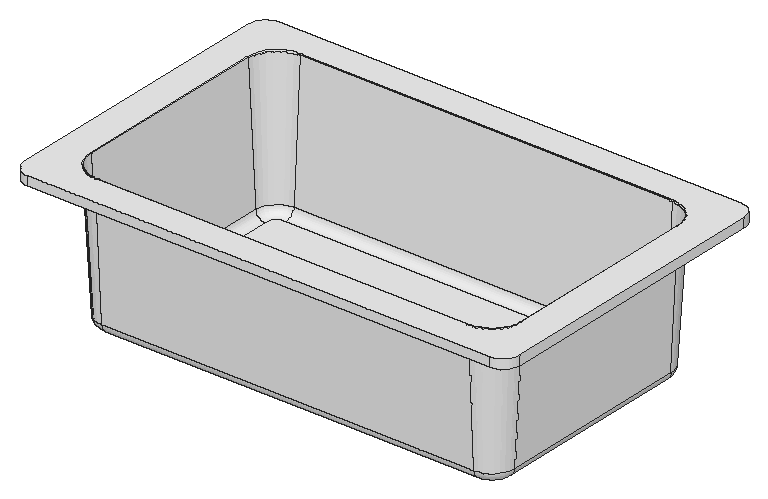
Revit family "Sink-American_Standard-Delancey-77SB30190.308", category Plumbing Fixtures, Revit 2014
Parameters (values of type "77SB30190.308")
  Width = 30"  # constant formula
  Waste Connection Width = Bowl Width / 2  # 13 1/32"
  Waste Connection Radius = Waste Connection Diameter / 2  # 3/4"
  Waste Connection Offset = 11 13/16"  # constant formula
  Waste Connection Diameter = 1 1/2"
  Waste Connection = 1 < 2  # yes
  Warranty Information = "Limited Lifetime Warranty"
  WFU = 4  # constant formula
  Vent Connection = no
  URL = "https://www.americanstandard-us.com/"
  Type Comments = "Minimum 33\" (838mm) cabinet required"
  Sink Offset [instance] = 2"
  Product Page URL = ""
  Product Documentation Link = ""
  Price = "Prices may vary. Please consult Manufacturer Representative for most up-to-date price list."  # constant formula
  Model = "77SB30190.308"
  Material = "Cast Iron-American Standard-308-Brilliant White"
  Manufacturer = "American Standard"  # constant formula
  Length = 19"  # constant formula
  Installation Type = "Undermount"  # constant formula
  Hot Water Connection Width = 4"
  Hot Water Connection Radius = Hot Water Connection Diameter / 2  # 1/4"
  Hot Water Connection Diameter = 1/2"
  Height = 8 11/16"  # constant formula
  HWFU = 3  # constant formula
  HW Connection = 1 < 2  # yes
  Finish = Cast Iron-American Standard-308-Brilliant White
  Description = "Delancey Single Bowl Kitchen Sink"  # constant formula
  Default Elevation = 34"  # constant formula
  Creation Date = "02/07/2019"  # constant formula
  Counter Thickness [instance] = 1"
  Cold Water Connection Width = 4"
  Cold Water Connection Radius = 1/4"
  Cold Water Connection Diameter = Cold Water Connection Radius * 2  # 1/2"
  CWFU = 3  # constant formula
  CW Connection = 1 < 2  # yes
  Bowl Width = 26 1/16"  # constant formula
  Bowl Length = 15 3/8"  # constant formula
  Basin Shape = "Rectangular"  # constant formula
  Assembly Code = "D2010410"
  Apron Height = 8 13/16"  # constant formula
  ADA Compliant = yes
Reference planes (in)
  plane 1 "Center (Front/Back)": y = 0
  plane 2: z = 0
  plane 3 "Center (Left/Right)": x = 0
  plane 4: x = -15
  plane 5: x = 15
  plane 6: y = -2
  plane 7: y = -21
  plane 8: z = -9.6875
  plane 9: z = -1
  plane 10: y = -3.8125
  plane 11: y = -19.1875
  plane 12: x = 0
  plane 13: x = -13.03125
  plane 14: x = 13.03125
  plane 15: x = -1.09375
  plane 16: x = 1.09375
  plane 17: y = -11.5
  plane 18: z = -11.0625
  plane 19: z = -12.5625
  plane 20: x = -4
  plane 21: x = 4
  plane 22: z = -1.5625
  plane 23: x = -4
  plane 24: x = 4
  plane 25: x = 8
  plane 26: z = -9.625
Forms (in)
  Sweep 1, solid, material "Cast Iron-American Standard-308-Brilliant White" <- "Finish"
    path origin (0, 0, 0) x (1, 0, 0) y (0, 1, 0)
      loop
        arc (-11.28125, -3.8125) -> (-12.51869, -4.32506) -> (-13.03125, -5.5625) r 1.75
        line (-13.03125, -5.5625) -> (-13.03125, -17.4375)
        arc (-13.03125, -17.4375) -> (-12.51869, -18.67494) -> (-11.28125, -19.1875) r 1.75
        line (-11.28125, -19.1875) -> (11.28125, -19.1875)
        arc (11.28125, -19.1875) -> (12.51869, -18.67494) -> (13.03125, -17.4375) r 1.75
        line (13.03125, -17.4375) -> (13.03125, -5.5625)
        arc (13.03125, -5.5625) -> (12.51869, -4.32506) -> (11.28125, -3.8125) r 1.75
        line (11.28125, -3.8125) -> (-11.28125, -3.8125)
    profile origin (-13.03125, -11.5, 0) x (-1, 0, 0) y (0, 0, 1)
      loop
        arc (0.04428, -1) -> (0.01208, -1.0128) -> (-0.00252, -1.04422) r 0.04688
        line (-0.00252, -1.04422) -> (-0.45995, -9.09759)
        arc (-0.45995, -9.09759) -> (-0.63402, -9.47194) -> (-1.01765, -9.62451) r 0.55859
        line (-1.01765, -9.62451) -> (-1.11196, -9.62451) -> (-1.11196, -9.6875) -> (-0.99565, -9.6875)
        arc (-0.99565, -9.6875) -> (-0.58282, -9.52349) -> (-0.39511, -9.12088) r 0.60156
        line (-0.39511, -9.12088) -> (0.04471, -1.5625) -> (0.19685, -1.5625) -> (0.19685, -1) -> (0.04428, -1)
  Extrusion 2, solid, not visible
    sketch origin (0, 0, 0) x (1, 0, 0) y (0, 0, 1)
      loop
        circle (-4, -11.0625) r 0.25
      loop
        circle (4, -11.0625) r 0.25
      loop
        circle (0, -12.5625) r 0.75
    from 0 to 0.0625
  Extrusion 3, solid, material "Cast Iron-American Standard-308-Brilliant White" <- "Finish"
    sketch origin (0, 0, 0) x (1, 0, 0) y (0, 1, 0)
      loop
        arc (-11.28125, -4.92446) -> (-11.73241, -5.11134) -> (-11.91929, -5.5625) r 0.63804
        line (-11.91929, -5.5625) -> (-11.91929, -17.4375)
        arc (-11.91929, -17.4375) -> (-11.73241, -17.88866) -> (-11.28125, -18.07554) r 0.63804
        line (-11.28125, -18.07554) -> (11.28125, -18.07554)
        arc (11.28125, -18.07554) -> (11.73241, -17.88866) -> (11.91929, -17.4375) r 0.63804
        line (11.91929, -17.4375) -> (11.91929, -5.5625)
        arc (11.91929, -5.5625) -> (11.73241, -5.11134) -> (11.28125, -4.92446) r 0.63804
        line (11.28125, -4.92446) -> (-11.28125, -4.92446)
      loop
        circle (0, -11.5) r 1.78125
    from -9.6875 to -9.625
  Extrusion 4, void
    sketch origin (0, 0, 0) x (1, 0, 0) y (0, 1, 0)
      loop
        arc (-11.36131, -3.8125) -> (-12.54214, -4.30161) -> (-13.03125, -5.48244) r 1.66994
        line (-13.03125, -5.48244) -> (-13.03125, -17.51563)
        arc (-13.03125, -17.51563) -> (-12.54157, -18.69782) -> (-11.35937, -19.1875) r 1.67188
        line (-11.35937, -19.1875) -> (11.35938, -19.1875)
        arc (11.35938, -19.1875) -> (12.54157, -18.69782) -> (13.03125, -17.51563) r 1.67188
        line (13.03125, -17.51563) -> (13.03125, -5.48438)
        arc (13.03125, -5.48438) -> (12.54157, -4.30218) -> (11.35938, -3.8125) r 1.67188
        line (11.35938, -3.8125) -> (-11.36131, -3.8125)
    from -9.6875 to 0
  Extrusion 5, solid, material "Cast Iron-American Standard-308-Brilliant White" <- "Finish"
    sketch origin (0, 0, 0) x (1, 0, 0) y (0, 1, 0)
      loop
        arc (-14, -2) -> (-14.70711, -2.29289) -> (-15, -3) r 1
        line (-15, -3) -> (-15, -20)
        arc (-15, -20) -> (-14.70711, -20.70711) -> (-14, -21) r 1
        line (-14, -21) -> (14, -21)
        arc (14, -21) -> (14.70711, -20.70711) -> (15, -20) r 1
        line (15, -20) -> (15, -3)
        arc (15, -3) -> (14.70711, -2.29289) -> (14, -2) r 1
        line (14, -2) -> (-14, -2)
      loop
        arc (-11.28125, -3.61565) -> (-12.65788, -4.18587) -> (-13.2281, -5.5625) r 1.94685
        line (-13.2281, -5.5625) -> (-13.2281, -17.4375)
        arc (-13.2281, -17.4375) -> (-12.65788, -18.81413) -> (-11.28125, -19.38435) r 1.94685
        line (-11.28125, -19.38435) -> (11.28125, -19.38435)
        arc (11.28125, -19.38435) -> (12.65788, -18.81413) -> (13.2281, -17.4375) r 1.94685
        line (13.2281, -17.4375) -> (13.2281, -5.5625)
        arc (13.2281, -5.5625) -> (12.65788, -4.18587) -> (11.28125, -3.61565) r 1.94685
        line (11.28125, -3.61565) -> (-11.28125, -3.61565)
    from -1.5625 to -1
Cuts and joins
  joined: Sweep 1, Extrusion 3, Extrusion 5
Lines and regions (in)
  Masking region 1
    outline origin (0, 0, 0) x (1, 0, 0) y (0, 1, 0)
      loop
        arc (-14, -2) -> (-14.70711, -2.29289) -> (-15, -3) r 1
        line (-15, -3) -> (-15, -20)
        arc (-15, -20) -> (-14.70711, -20.70711) -> (-14, -21) r 1
        line (-14, -21) -> (14, -21)
        arc (14, -21) -> (14.70711, -20.70711) -> (15, -20) r 1
        line (15, -20) -> (15, -3)
        arc (15, -3) -> (14.70711, -2.29289) -> (14, -2) r 1
        line (14, -2) -> (-14, -2)
  symbolic lines, detail levels fine
    curve 1: circle (0, -11.5, 0) r 1.78125 normal (0, 0, 1)
  symbolic lines, detail levels medium+fine
    curve 2: line (11.28125, -3.76779, 0) -> (-11.28125, -3.76779, 0)
    curve 3: arc (-11.28125, -3.76779, 0) -> (-12.5503, -4.29345, 0) -> (-13.07596, -5.5625, 0) r 1.79471
    curve 4: line (-13.07596, -5.5625, 0) -> (-13.07596, -17.4375, 0)
    curve 5: arc (-13.07596, -17.4375, 0) -> (-12.5503, -18.70655, 0) -> (-11.28125, -19.23221, 0) r 1.79471
    curve 6: line (-11.28125, -19.23221, 0) -> (11.28125, -19.23221, 0)
    curve 7: arc (11.28125, -19.23221, 0) -> (12.5503, -18.70655, 0) -> (13.07596, -17.4375, 0) r 1.79471
    curve 8: line (13.07596, -17.4375, 0) -> (13.07596, -5.5625, 0)
    curve 9: arc (13.07596, -5.5625, 0) -> (12.5503, -4.29345, 0) -> (11.28125, -3.76779, 0) r 1.79471
Dimensions and locks (in)
  equal spacing: plane 4, plane 3 "Center (Left/Right)", plane 5
  "Sink Offset": plane 1 "Center (Front/Back)" to plane 6
  "Width": plane 4 to plane 5
  "Height": plane 9 to plane 8
  locked: Sweep 1 sketch curve to plane 8 at 0.06299
  locked: level to plane 18 at 11.0625
  locked: level to plane 19 at 12.5625
  "Hot Water Connection Width": plane 20 to plane 3 "Center (Left/Right)"
  "Cold Water Connection Width": plane 21 to plane 3 "Center (Left/Right)"
  equal spacing: plane 13, plane 3 "Center (Left/Right)", plane 14
  "Bowl Width": plane 13 to plane 14
  "Waste Connection Width": plane 13 to plane 12
  locked: plane 22 to plane 9 at 0.5625
  locked: Sweep 1 sketch curve to plane 13 at 0.04471
  locked: Sweep 1 sketch curve to plane 13 at 0.19685
  equal spacing: plane 23, plane 3 "Center (Left/Right)", plane 24, plane 25
  locked: plane 23 to plane 25 at 12
  locked: plane 26 to plane 8 at 0.0625
  "Counter Thickness": level to plane 9
  equal spacing: plane 11, plane 17, plane 10
  "Bowl Length": plane 11 to plane 10
  equal spacing: plane 6, plane 17, plane 7
  "Length": plane 6 to plane 7
  locked: plane 13 to Sweep 1 sketch curve at 0.39511
  locked: plane 13 to Sweep 1 sketch curve at 0.45995
  locked: plane 13 to Sweep 1 sketch curve at 0.99565
  locked: plane 13 to Sweep 1 sketch curve at 1.01765
  locked: Sweep 1 sketch curve to plane 13 at 0.04428
  locked: plane 13 to Sweep 1 sketch curve at 0.00252
  locked: plane 9 to Sweep 1 sketch curve at 0.04422
  "Hot Water Connection Diameter": diameter of Extrusion 2 sketch curve
  "Cold Water Connection Diameter": diameter of Extrusion 2 sketch curve
  "Waste Connection Diameter": diameter of Extrusion 2 sketch curve
  radius of Sweep 1 sketch curve = 1 3/4"  (x4)
  diameter of Extrusion 3 sketch curve = 3 9/16"
  radius of Extrusion 4 sketch curve = 1.66994"
  radius of Extrusion 4 sketch curve = 1 43/64"  (x3)
  radius of Extrusion 5 sketch curve = 1"  (x4)
  radius of Sweep 1 sketch curve = 77/128"
  radius of Sweep 1 sketch curve = 143/256"
  radius of Sweep 1 sketch curve = 3/64"
  aligned and locked: plane 10 to Sweep 1 sketch curve
  aligned and locked: Sweep 1 sketch curve to plane 13
  aligned and locked: Sweep 1 sketch curve to plane 11
  aligned and locked: plane 8 to Sweep 1 sketch curve
  aligned and locked: plane 18 to Extrusion 2 sketch curve  (x2)
  aligned and locked: plane 21 to Extrusion 2 sketch curve
  aligned and locked: plane 20 to Extrusion 2 sketch curve
  aligned and locked: plane 19 to Extrusion 2 sketch curve
  aligned and locked: plane 3 "Center (Left/Right)" to Extrusion 2 sketch curve
  aligned and locked: plane 22 to Sweep 1 sketch curve
  aligned and locked: Sweep 1 sketch curve to plane 9
  aligned and locked: Extrusion 3 sketch curve to Sweep 1  (x4)
  aligned and locked: plane 12 to Extrusion 3 sketch curve
  aligned and locked: plane 17 to Extrusion 3 sketch curve
  aligned and locked: plane 10 to Extrusion 4 sketch curve
  aligned and locked: Extrusion 4 sketch curve to plane 13
  aligned and locked: Extrusion 4 sketch curve to plane 11
  aligned and locked: Extrusion 4 sketch curve to plane 14
  aligned and locked: plane 8 to Extrusion 4
  aligned and locked: curve 1 to cut or joined group of Sweep 1, Extrusion 3, Extrusion 5
  aligned and locked: Sweep 1 sketch curve to plane 14
  aligned and locked: curve 3 to cut or joined group of Sweep 1, Extrusion 3, Extrusion 5
  aligned and locked: curve 5 to cut or joined group of Sweep 1, Extrusion 3, Extrusion 5
  aligned and locked: curve 7 to cut or joined group of Sweep 1, Extrusion 3, Extrusion 5
  aligned and locked: curve 9 to cut or joined group of Sweep 1, Extrusion 3, Extrusion 5
  aligned and locked: plane 8 to cut or joined group of Sweep 1, Extrusion 3, Extrusion 5
  aligned and locked: plane 26 to cut or joined group of Sweep 1, Extrusion 3, Extrusion 5
  aligned and locked: Extrusion 5 sketch curve to plane 6
  aligned and locked: plane 4 to Extrusion 5 sketch curve
  aligned and locked: plane 7 to Extrusion 5 sketch curve
  aligned and locked: plane 5 to Extrusion 5 sketch curve
  aligned and locked: Extrusion 5 sketch curve to cut or joined group of Sweep 1, Extrusion 3, Extrusion 5  (x4)
  aligned and locked: plane 22 to Extrusion 5
  aligned and locked: Extrusion 5 to plane 9
  aligned and locked: Masking region 1 sketch curve to cut or joined group of Sweep 1, Extrusion 3, Extrusion 5  (x4)
  aligned and locked: level to Extrusion 4
Automatic sketch dimensions
  Extrusion 4 sketch curve to plane 14 = 0"
  Sweep 1 sketch curve to Sweep 1 sketch curve = 0.09431"
Connectors (in)
  piping at (-4, 0, -11.0625), diameter 0.5, driven by "HWFU", driven by "Hot Water Connection Diameter"
    settings: on Extrusion 2, index 1, connector inside diameter 24", connector length 0", flow factor 0, pipe flow 0 GPM, pressure drop 0.00 psi, fitting loss kfactor 0, connector angle 0.00°, fixture units 3, engagement length 0", angle of deflection 0.00°, flow configuration 3, flow direction 1, fitting loss method 0, system type 19, joint type 0, gender type 0, connector reference index -1, connector utility 0, adjustable connector no, is connector primary yes, connector description "1/2\" HW Inlet"
  piping at (0, 0, -12.5625), diameter 1.5, driven by "WFU", driven by "Waste Connection Diameter"
    settings: on Extrusion 2, index 2, connector inside diameter 24", connector length 0", flow factor 0, pipe flow 0 GPM, pressure drop 0.00 psi, fitting loss kfactor 0, connector angle 0.00°, fixture units 4, engagement length 0", angle of deflection 0.00°, flow configuration 3, flow direction 2, fitting loss method 0, system type 16, joint type 0, gender type 0, connector reference index -1, connector utility 0, adjustable connector yes, is connector primary no, connector description "1-1/2\" Waste Outlet"
  piping at (4, 0, -11.0625), diameter 0.5, driven by "CWFU", driven by "Cold Water Connection Diameter"
    settings: on Extrusion 2, index 3, connector inside diameter 24", connector length 0", flow factor 0, pipe flow 0 GPM, pressure drop 0.00 psi, fitting loss kfactor 0, connector angle 0.00°, fixture units 3, engagement length 0", angle of deflection 0.00°, flow configuration 3, flow direction 1, fitting loss method 0, system type 20, joint type 0, gender type 0, connector reference index -1, connector utility 0, adjustable connector no, is connector primary no, connector description "1/2\" CW Inlet"
